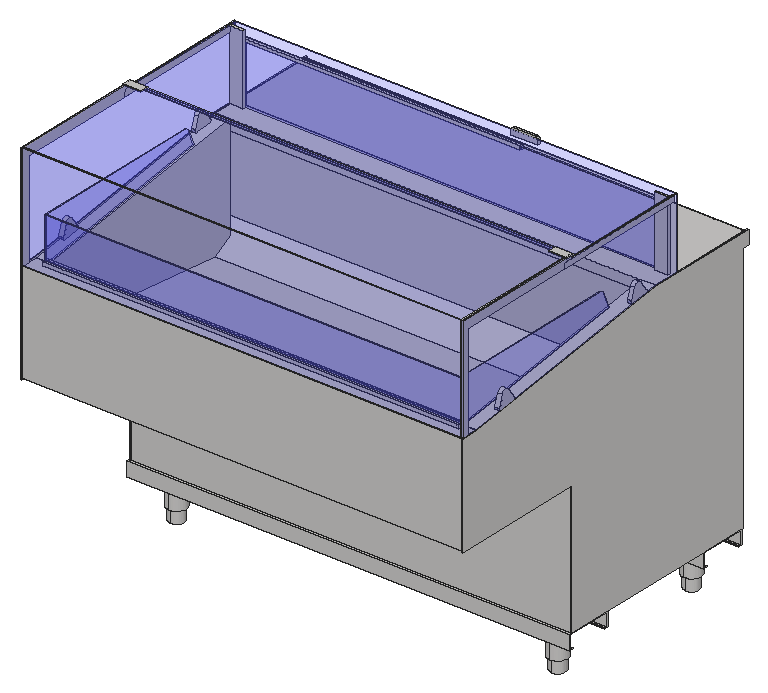
Revit family "Food-Service-Equipment_Oscartek_Rosa-Premium_RDPC1300", category Specialty Equipment, Revit 2026
Family settings
  Round Connector Dimension = Use Diameter
  Part Type = Normal
  Classification Number = 23.40.40.11
  Work Plane-Based = No
  Enable Cutting in Views = No
  Always vertical = Yes
  Cut with Voids When Loaded = No
  Maintain Annotation Orientation = No
  Shared = No
  Room Calculation Point = No
Parameters
  Width = 51.18"
  Weight in Pounds = 0
  Watts = FL Amps * Volts  # 0 W
  Volts = 120 V
  URL Cutsheet = "www.oscartek.com"
  URL = "www.oscartek.com"
  Type Mark [instance] = ""
  Type Comments = "As Specified"
  Test Data = "http://www.oscartek.com/company/clients.php"
  Status [instance] = ""
  Specification by User [instance] = ""
  Specification by Manufacturer = ""
  Specification = "https://www.arcat.com/arcatcos/cos48/arc48760.html"
  Show Fixed Top Front Glass [instance] = no
  Show Clearance [instance] = yes
  Serial Number = ""
  Seismic Rating = ""
  Sales Information = "http://www.oscartek.com/company/contact.php"
  SMACNA No = ""
  Revision Code [instance] = ""
  Revision = "R1_2018-10"
  Product Data = "http://www.oscartek.com/support/manuals/"
  Plumbing Remarks = ""
  Plumbing Connection Type = ""
  Phase = 1
  Omniclass Number and Title = ""
  Number of Poles [instance] = 1
  NAFEM Spec ID Number = ""
  Model = "RDPC1300"
  Min Ckt Ampacity = 0 A
  Max Overcurrent Protection = 0 A
  Masterspec = ""
  Manufacturer Website = "http://www.oscartek.com/index.php"
  Manufacturer Phone - Toll Free = "855-885-2400"
  Manufacturer Phone = "650-342-2400"
  Manufacturer Fax = "650-342-7400"
  Manufacturer Address = "361 Beach Rd., Burlingame, CA 94010"
  Manufacturer = "OSCARTEK"
  Item Number [instance] = ""
  Installed By [instance] = ""
  Installation-Fabrication = "http://www.oscartek.com/support/manuals/"
  Indirect Waste Size = 2"
  Indirect Waste Flow = 0 GPM
  Indirect Waste Connection Type = ""
  Indirect Waste Connection Height = 0.00"
  Identify Quantity as Lot [instance] = yes
  Height = 45.25"
  HP = ""
  Green Building-LEED = "https://www.arcat.com/green/green_building.shtml"
  Furnished By [instance] = ""
  Foodservice Equipment Identifier [instance] = yes
  FL Amps = 0 A
  Electrical Remarks [instance] = ""
  Electric Connection Type [instance] = ""
  Elec Conn RI Height [instance] = 0.00"
  Elec Conn Connection Height [instance] = 0.00"
  Drawn By = "Sumex Design, Inc. / Robert S. Weygant, CSI, CDT, SCIP"
  Description = "ROSA PREMIUM DELI-PASTRY-CHOCOLATE"
  Depth = 41.25"
  Default Elevation = 0.00"
  Cycle = 60 Hz
  Copyright = "©Arcat Inc."
  Construction Details = "http://www.oscartek.com/support/manuals/"
  Conn Plug = ""
  Conn Conduit = yes
  Clearance [instance] = yes
  Category = ""
  CSI MasterFormat = "11 41 33"
  CSI Master Format = "Foodservice Shelving"
  Building Codes = "https://www.arcat.com/arcatcos/cos48/arc48760.html"
  Apparent Power = if(Phase = 3, Volts * FL Amps * 1.73, Volts * FL Amps)  # 0 VA
Reference planes (in)
  plane 1 "BACK": y = 0
  plane 2: z = 0
  plane 3 "LEFT": x = 0
  plane 4 "RIGHT": x = 51.18
  plane 5 "FRONT": y = -41.25
  plane 6 "TOP": z = 45.25
  plane 7 "Center Y": x = 25.59
  plane 8 "Center X": y = -20.625
  plane 9: z = 6
  plane 10: z = 22.03471
  plane 11: z = 21.28711
  plane 12: x = 3.55817
  plane 13: x = 47.62183
  plane 14: y = -23.0828
  plane 15: y = -3.72373
  plane 16: y = -25.44682
  plane 17: z = 43.97317
  plane 18: x = 49.65478
  plane 19: x = 1.52522
Forms (in)
  Extrusion 1, solid, material "QF_Metal-Stainless-Polished"
    sketch origin (0, 0, 0) x (0, 1, 0) y (0, 0, 1)
      loop
        line (0, 35.0588) -> (0, 36.63271) -> (-13.29763, 36.63271) -> (-39.098, 33.0067) -> (-41.25, 33.0067) -> (-41.25, 21.28711) -> (-25.44662, 21.28711) -> (-25.44662, 6) -> (-0.77573, 6) -> (-0.77573, 35.4208) -> (-0.69664, 35.4208) -> (-0.69664, 35.0588) -> (0, 35.0588)
    from 0 to 0.125
  Extrusion 2, solid, material "QF_Metal-Stainless-Polished"
    sketch origin (51.18, 0, 0) x (0, -1, 0) y (0, 0, 1)
      loop
        line (0, 35.0588) -> (0.69664, 35.0588) -> (0.69664, 35.4208) -> (0.77573, 35.4208) -> (0.77573, 6) -> (25.44662, 6) -> (25.44662, 21.28711) -> (41.25, 21.28711) -> (41.25, 33.0067) -> (39.098, 33.0067) -> (13.29763, 36.63271) -> (0, 36.63271) -> (0, 35.0588)
    from 0 to 0.125
  Extrusion 3, solid, material "QF_Metal-Stainless-Polished"
    sketch origin (0.125, 0, 0) x (0, 1, 0) y (0, 0, 1)
      loop
        line (-11.59635, 35.4208) -> (-11.59635, 25.46655) -> (-15.39418, 23.26933) -> (-39.13974, 25.76509) -> (-39.13974, 33.0067) -> (-41.25, 33.0067) -> (-41.25, 21.4208) -> (-9.62896, 21.4208) -> (-9.62896, 35.4208) -> (-0.65768, 35.4208) -> (-0.65768, 35.0588) -> (0, 35.0588) -> (0, 36.22682)
        arc (0, 36.22682) -> (-0.11888, 36.51382) -> (-0.40589, 36.63271) r 0.40589
        line (-0.40589, 36.63271) -> (-13.25289, 36.63271) -> (-13.25289, 35.4208) -> (-11.59635, 35.4208)
    from 0 to 50.93
  Extrusion 4, solid, material "QF_Metal-Stainless-Polished"
    sketch origin (51.18, -25.44662, 21.28711) x (0, 0, -1) y (1, 0, 0)
      loop
        line (-0.13369, -0.125) -> (-0.13369, -51.055) -> (15.28711, -51.055) -> (15.28711, -0.125) -> (-0.13369, -0.125)
    from 0 to -1
  Extrusion 5, solid, material "QF_Metal-Stainless-Polished"
    sketch origin (0.125, 0, 0) x (0, 1, 0) y (0, 0, 1)
      loop
        line (-9.62896, 35.4208) -> (-9.62896, 21.28711) -> (-0.77573, 21.28711) -> (-0.77573, 22.03471) -> (-8.88136, 22.03471) -> (-8.88136, 27.5966) -> (-0.96594, 28.58602) -> (-1.05867, 29.32786) -> (-8.88136, 28.35002) -> (-8.88136, 34.66533) -> (-0.77573, 34.66533) -> (-0.77573, 35.4208) -> (-9.62896, 35.4208)
    from 0 to 50.93
  Extrusion 6, solid, material "QF_Metal-Stainless-Polished"
    sketch origin (51.18, -0.77573, 6) x (-1, 0, 0) y (0, 1, 0)
      loop
        line (49.58923, -23.67089) -> (49.58923, 0) -> (0.125, 0) -> (0.125, -23.67089) -> (49.58923, -23.67089)
    from 0 to -0.125
  Extrusion 7, solid, material "QF_Metal-Stainless-Polished"
    sketch origin (51.18, -0.77573, 35.4208) x (0, 0, -1) y (-1, 0, 0)
      loop
        line (14.13369, 1.59359) -> (14.13369, 0.125) -> (29.2958, 0.125) -> (29.2958, 1.59359) -> (14.13369, 1.59359)
      loop
        line (14.13369, 19.6543) -> (29.2958, 19.6543) -> (29.2958, 21.26756) -> (14.13369, 21.26756) -> (14.13369, 19.6543)
      loop
        line (14.13369, 49.58923) -> (29.2958, 49.58923) -> (29.2958, 51.055) -> (14.13369, 51.055) -> (14.13369, 49.58923)
      loop
        line (28.75251, 42.77054) -> (28.75251, 43.25084) -> (14.13369, 43.25084) -> (14.13369, 42.77054) -> (28.75251, 42.77054)
    from 0 to -23.67089
  Extrusion 8, solid, material "QF_Metal-Stainless-Polished"
    sketch origin (51.18, -0.77573, 35.4208) x (0, 0, -1) y (-1, 0, 0)
      loop
        line (29.2958, 1.59359) -> (29.2958, 19.6543) -> (14.13369, 19.6543) -> (14.13369, 1.59359) -> (29.2958, 1.59359)
    from 0 to -0.125
  Extrusion 9, solid, material "QF_Metal-Stainless-Polished"
    sketch origin (0, 0, 0) x (0, 1, 0) y (0, 0, 1)
      loop
        line (-6.48102, 4.37153) -> (-6.06, 4.37153) -> (-6.06, 4.43842) -> (-6.422, 4.43842) -> (-6.422, 5.9375) -> (-1.02546, 5.9375) -> (-1.02546, 4.43842) -> (-1.38746, 4.43842) -> (-1.38746, 4.37153) -> (-0.96644, 4.37153) -> (-0.96644, 6) -> (-6.48102, 6) -> (-6.48102, 4.37153)
      loop
        line (-25.84009, 4.37153) -> (-25.41907, 4.37153) -> (-25.41907, 4.43842) -> (-25.78107, 4.43842) -> (-25.78107, 5.9375) -> (-20.38453, 5.9375) -> (-20.38453, 4.43842) -> (-20.74653, 4.43842) -> (-20.74653, 4.37153) -> (-20.32551, 4.37153) -> (-20.32551, 6) -> (-25.84009, 6) -> (-25.84009, 4.37153)
    from 0 to 51.18
  Revolve 10, solid, material "QF_Metal-Stainless-Polished"
    sketch origin (3.55817, -180, 1.47948) x (0, 0, -1) y (0, -1, 0)
      loop
        line (1.47948, -156.9172) -> (-4.52052, -156.9172) -> (-4.52052, -158.59046) -> (-3.61998, -158.59046) -> (-3.61998, -158.01598) -> (0.00001, -158.01598) -> (0.00001, -157.7799) -> (1.47948, -157.7799) -> (1.47948, -156.9172)
      axis (-4.52052, -156.9172) -> (1.47948, -156.9172)
    angle from 0 to 360
  Revolve 11, solid, material "QF_Metal-Stainless-Polished"
    sketch origin (47.62183, -180, 1.47948) x (0, 0, -1) y (0, -1, 0)
      loop
        line (1.47948, -156.9172) -> (-4.52052, -156.9172) -> (-4.52052, -158.59046) -> (-3.61998, -158.59046) -> (-3.61998, -158.01598) -> (0.00001, -158.01598) -> (0.00001, -157.7799) -> (1.47948, -157.7799) -> (1.47948, -156.9172)
      axis (-4.52052, -156.9172) -> (1.47948, -156.9172)
    angle from 0 to 360
  Revolve 12, solid, material "QF_Metal-Stainless-Polished"
    sketch origin (3.55817, -160.64093, 1.47948) x (0, 0, -1) y (0, -1, 0)
      loop
        line (1.47948, -156.9172) -> (-4.52052, -156.9172) -> (-4.52052, -158.59046) -> (-3.61998, -158.59046) -> (-3.61998, -158.01598) -> (0.00001, -158.01598) -> (0.00001, -157.7799) -> (1.47948, -157.7799) -> (1.47948, -156.9172)
      axis (-4.52052, -156.9172) -> (1.47948, -156.9172)
    angle from 0 to 360
  Revolve 13, solid, material "QF_Metal-Stainless-Polished"
    sketch origin (47.62183, -180, 1.47948) x (0, 0, -1) y (0, -1, 0)
      loop
        line (1.47948, -176.27627) -> (-4.52052, -176.27627) -> (-4.52052, -177.94953) -> (-3.61998, -177.94953) -> (-3.61998, -177.37505) -> (0.00001, -177.37505) -> (0.00001, -177.13897) -> (1.47948, -177.13897) -> (1.47948, -176.27627)
      axis (-4.52052, -176.27627) -> (1.47948, -176.27627)
    angle from 0 to 360
  Extrusion 14, solid, material "Glass"
    sketch origin (0, 0, 0) x (0, -1, 0) y (0, 0, 1)
      loop
        line (41.1859, 45.25) -> (25.44682, 45.25) -> (25.44682, 44.85652) -> (10.21926, 44.85652) -> (10.21926, 36.63271) -> (13.29763, 36.63271) -> (39.098, 33.0067) -> (41.1859, 33.0067) -> (41.1859, 45.25)
    from 0 to -0.125
  Extrusion 15, solid, material "Glass"
    sketch origin (51.18, 0, 0) x (0, 1, 0) y (0, 0, 1)
      loop
        line (-41.1859, 45.25) -> (-41.1859, 33.0067) -> (-39.098, 33.0067) -> (-13.29763, 36.63271) -> (-10.21926, 36.63271) -> (-10.21926, 44.85652) -> (-25.44682, 44.85652) -> (-25.44682, 45.25) -> (-41.1859, 45.25)
    from 0 to -0.125
  Extrusion 16, solid, material "Glass"
    sketch origin (0, -41.1859, 45.25) x (0, 0, -1) y (1, 0, 0)
      loop
        line (0, 0.125) -> (12.2433, 0.125) -> (12.2433, 51.18) -> (0, 51.18) -> (0, 0.125)
    from 0 to -0.125
  Extrusion 17, solid, material "Glass"
    sketch origin (15.875, -72.68116, 45.25) x (0, 1, 0) y (-1, 0, 0)
      loop
        line (31.62026, -35.305) -> (47.23434, -35.305) -> (47.23434, 15.75) -> (31.62026, 15.75) -> (31.62026, -35.305)
    from 0 to -0.125
  Extrusion 18, solid, material "Glass"
    sketch origin (51.18, -25.44682, 44.85652) x (0, 1, 0) y (-1, 0, 0)
      loop
        line (15.22756, 0.125) -> (15.22756, 51.055) -> (0, 51.055) -> (0, 0.125) -> (15.22756, 0.125)
    from 0 to -0.125
  Extrusion 19, solid, material "QF_Metal-Stainless-Polished"
    sketch origin (51.18, 0, 0) x (0, 1, 0) y (0, 0, 1)
      loop
        line (-39.62534, 33.10521) -> (-39.62534, 33.40018) -> (-39.8811, 33.40018) -> (-39.92044, 33.36083) -> (-39.92044, 33.0067) -> (-39.13349, 33.0067) -> (-39.13349, 33.36083) -> (-39.17284, 33.40018) -> (-39.42698, 33.40018) -> (-39.42698, 33.10521) -> (-39.62534, 33.10521)
    from -1.52522 to -49.65478
  Extrusion 20, solid, material "Glass"
    sketch origin (49.65478, 0, 0) x (0, 1, 0) y (0, 0, 1)
      loop
        line (-39.44827, 33.10521) -> (-39.44827, 38.1219) -> (-39.60566, 38.1219) -> (-39.60566, 33.10521) -> (-39.44827, 33.10521)
    from 0 to -48.12955
  Extrusion 21, solid, material "QF_Metal-Stainless-Polished"
    sketch origin (51.055, 0, 0) x (0, -1, 0) y (0, 0, 1)
      loop
        line (39.13974, 33.00083) -> (13.25289, 36.63899) -> (13.25289, 24.50817) -> (15.39418, 23.26933) -> (39.13974, 25.76509) -> (39.13974, 33.00083)
    from 0 to 1.6974
  Extrusion 22, solid, material "QF_Metal-Stainless-Polished"
    sketch origin (0.125, 0, 0) x (0, -1, 0) y (0, 0, -1)
      loop
        line (39.13974, -33.00083) -> (39.13974, -25.76509) -> (15.39418, -23.26933) -> (13.25289, -24.50817) -> (13.25289, -36.63899) -> (39.13974, -33.00083)
    from 0 to 1.6974
  Extrusion 23, solid, material "Glass"
    sketch origin (49.65478, 0, 0) x (0, 1, 0) y (0, 0, 1)
      loop
        line (-19.503, 38.1219) -> (-39.4423, 38.1219) -> (-39.4423, 33.0067) -> (-39.098, 33.0067) -> (-18.16116, 35.94918) -> (-18.76351, 37.6041)
        arc (-18.76351, 37.6041) -> (-19.05162, 37.97958) -> (-19.503, 38.1219) r 0.78695
    from 0 to -0.125
  Extrusion 24, solid, material "Glass"
    sketch origin (1.52522, 0, 0) x (0, -1, 0) y (0, 0, 1)
      loop
        arc (19.503, 38.1219) -> (19.05162, 37.97958) -> (18.76351, 37.6041) r 0.78695
        line (18.76351, 37.6041) -> (18.16116, 35.94918) -> (39.098, 33.0067) -> (39.4423, 33.0067) -> (39.4423, 38.1219) -> (19.503, 38.1219)
    from 0 to -0.125
  Extrusion 25, solid, material "QF_Metal-Stainless-Polished"
    sketch origin (51.055, 0, 0) x (0, -1, 0) y (0, 0, 1)
      loop
        line (25.44682, 44.08334) -> (40.39895, 44.08334) -> (40.39895, 33.0067) -> (41.1859, 33.0067) -> (41.1859, 45.25) -> (25.44682, 45.25) -> (25.44682, 44.08334)
    from 0 to 0.125
  Extrusion 26, solid, material "QF_Metal-Stainless-Polished"
    sketch origin (0.125, 0, 0) x (0, 1, 0) y (0, 0, 1)
      loop
        line (-25.44682, 44.08334) -> (-25.44682, 45.25) -> (-41.1859, 45.25) -> (-41.1859, 33.0067) -> (-40.39895, 33.0067) -> (-40.39895, 44.08334) -> (-25.44682, 44.08334)
    from 0 to 0.125
  Extrusion 27, solid, material "QF_Metal-Stainless-Polished"
    sketch origin (51.055, 0, 0) x (0, -1, 0) y (0, 0, 1)
      loop
        line (34.52344, 35.17744) -> (33.73363, 34.04948)
        arc (33.73363, 34.04948) -> (33.70856, 33.87107) -> (33.83816, 33.74592) r 0.19842
        line (33.83816, 33.74592) -> (35.62083, 33.49539)
        arc (35.62083, 33.49539) -> (35.7799, 33.57997) -> (35.80497, 33.75837) r 0.19842
        line (35.80497, 33.75837) -> (35.35667, 35.06034)
        arc (35.35667, 35.06034) -> (34.97594, 35.37419) -> (34.52344, 35.17744) r 0.47217
      loop
        line (15.3827, 37.8675) -> (14.59289, 36.73954)
        arc (14.59289, 36.73954) -> (14.56803, 36.56264) -> (14.69653, 36.43855) r 0.19674
        line (14.69653, 36.43855) -> (16.48165, 36.18767)
        arc (16.48165, 36.18767) -> (16.63937, 36.27153) -> (16.66423, 36.44843) r 0.19674
        line (16.66423, 36.44843) -> (16.21593, 37.7504)
        arc (16.21593, 37.7504) -> (15.83519, 38.06425) -> (15.3827, 37.8675) r 0.47217
    from 0 to 0.5
  Extrusion 28, solid, material "QF_Metal-Stainless-Polished"
    sketch origin (0.125, 0, 0) x (0, 1, 0) y (0, 0, 1)
      loop
        arc (-34.52344, 35.17744) -> (-34.97594, 35.37419) -> (-35.35667, 35.06034) r 0.47217
        line (-35.35667, 35.06034) -> (-35.80497, 33.75837)
        arc (-35.80497, 33.75837) -> (-35.7799, 33.57997) -> (-35.62083, 33.49539) r 0.19842
        line (-35.62083, 33.49539) -> (-33.83816, 33.74592)
        arc (-33.83816, 33.74592) -> (-33.70856, 33.87107) -> (-33.73363, 34.04948) r 0.19842
        line (-33.73363, 34.04948) -> (-34.52344, 35.17744)
      loop
        arc (-15.3827, 37.8675) -> (-15.83519, 38.06425) -> (-16.21593, 37.7504) r 0.47217
        line (-16.21593, 37.7504) -> (-16.66423, 36.44843)
        arc (-16.66423, 36.44843) -> (-16.63937, 36.27153) -> (-16.48165, 36.18767) r 0.19674
        line (-16.48165, 36.18767) -> (-14.69653, 36.43855)
        arc (-14.69653, 36.43855) -> (-14.56803, 36.56264) -> (-14.59289, 36.73954) r 0.19674
        line (-14.59289, 36.73954) -> (-15.3827, 37.8675)
    from 0 to 0.5
  Extrusion 29, solid, material "QF_Metal-Stainless-Polished"
    sketch origin (15.875, -72.68116, 45.25) x (0, 1, 0) y (-1, 0, 0)
      loop
        line (47.23434, 15.875) -> (46.23413, 15.875) -> (46.23413, 13.8228) -> (47.23434, 13.8228) -> (47.23434, 15.875)
      loop
        line (47.23434, -35.43) -> (47.23434, -33.3778) -> (46.23413, -33.3778) -> (46.23413, -35.43) -> (47.23434, -35.43)
    from 0 to 0.125
  Extrusion 30, solid, material "QF_Metal-Stainless-Polished"
    sketch origin (0.125, -11.04556, 43.90338) x (0, 0, 1) y (-1, 0, 0)
      loop
        line (0.95314, -0.125) -> (-7.10536, -0.125) -> (-7.10536, -1.67714) -> (0.95314, -1.67714) -> (0.95314, -0.125)
      loop
        line (0.95314, -50.805) -> (0.95314, -49.25286) -> (-7.10536, -49.25286) -> (-7.10536, -50.805) -> (0.95314, -50.805)
    from 0 to 0.25
  Extrusion 31, solid, material "QF_Metal-Stainless-Polished"
    sketch origin (51.055, -10.21926, 44.85652) x (-1, 0, 0) y (0, 0, 1)
      loop
        arc (16.40114, 0.17913) -> (16.1229, 0.06388) -> (16.00766, -0.21435) r 0.39348
        line (16.00766, -0.21435) -> (16.00766, -0.67482) -> (19.15549, -0.67482) -> (19.15549, -0.21435)
        arc (19.15549, -0.21435) -> (19.04024, 0.06388) -> (18.76201, 0.17913) r 0.39348
        line (18.76201, 0.17913) -> (16.40114, 0.17913)
    from 0 to 0.25
  Extrusion 32, solid, material "QF_Metal-Stainless-Polished"
    sketch origin (0.125, 0, 0) x (0, 1, 0) y (0, 0, 1)
      loop
        line (-26.43051, 44.7975) -> (-26.43051, 44.12269) -> (-10.68356, 44.12269) -> (-10.68356, 44.7975) -> (-26.43051, 44.7975)
    from 0 to 0.125
  Extrusion 33, solid, material "QF_Metal-Stainless-Polished"
    sketch origin (51.055, 0, 0) x (0, -1, 0) y (0, 0, 1)
      loop
        line (26.43051, 44.7975) -> (10.68356, 44.7975) -> (10.68356, 44.12269) -> (26.43051, 44.12269) -> (26.43051, 44.7975)
    from 0 to 0.125
  Extrusion 34, solid, material "Glass"
    sketch origin (49.37786, -11.04556, 44.85652) x (0, 0, -1) y (0, -1, 0)
      loop
        line (0.9227, 0) -> (0.9227, -0.27543) -> (8.0585, -0.27543) -> (8.0585, 0) -> (0.9227, 0)
    from 0 to 47.57573
  Extrusion 35, solid, material "QF_Metal-Stainless-Polished"
    sketch origin (1.80214, -11.04556, 44.85652) x (0, 0, -1) y (0, 1, 0)
      loop
        line (0.88336, -0.05902) -> (1.27683, -0.05902) -> (1.27683, -0.01967) -> (0.9227, -0.01967) -> (0.9227, 0.29511) -> (1.27683, 0.29511) -> (1.27683, 0.33446) -> (0.88336, 0.33446) -> (0.88336, -0.05902)
    from 0 to 31.82573
  Extrusion 36, solid, material "QF_Metal-Stainless-Polished"
    sketch origin (51.18, -0.77573, 35.4208) x (0, 0, -1) y (-1, 0, 0)
      loop
        line (16.75243, 7.00393) -> (16.75243, 14.23298) -> (15.30308, 14.23298) -> (15.30308, 7.00393) -> (16.75243, 7.00393)
    from 0 to 0.125
  Extrusion 37, solid, material "QF_Metal-Stainless-Polished"
    sketch origin (51.18, -0.77573, 6) x (0, -1, 0) y (-1, 0, 0)
      loop
        circle (15.93285, 3.93606) r 0.64945
      loop
        circle (15.93285, 5.05621) r 0.25
      loop
        circle (15.93285, 47.24394) r 0.64945
    from 0 to 0.125
  Extrusion 38, solid, material "QF_Metal-Stainless-Polished"
    sketch origin (51.18, -0.77573, 35.4208) x (0, 0, -1) y (-1, 0, 0)
      loop
        line (28.75251, 43.25084) -> (28.75251, 21.26756) -> (29.2958, 21.26756) -> (29.2958, 43.25084) -> (28.75251, 43.25084)
    from 0 to -23.67089
  Extrusion 39, solid, material "QF_Metal-Stainless-Polished"
    sketch origin (51.43, -0.65073, 35.34409) x (0, 0, -1) y (-1, 0, 0)
      loop
        line (15.44754, 8.35075) -> (16.35673, 8.35075) -> (16.35673, 12.93085) -> (15.44754, 12.93085) -> (15.44754, 8.35075)
    from 0 to 0.125
  Extrusion 40, solid, material "QF_Metal-Stainless-Polished"
    sketch origin (51.43, -0.52573, 35.34409) x (0, 0, -1) y (-1, 0, 0)
      loop
        line (15.82413, 10.59358) -> (15.82413, 11.08149) -> (15.46655, 11.08149) -> (15.46655, 10.59358) -> (15.82413, 10.59358)
      loop
        line (15.82413, 11.20347) -> (15.82413, 11.69139) -> (15.46655, 11.69139) -> (15.46655, 11.20347) -> (15.82413, 11.20347)
      loop
        line (15.82413, 11.81336) -> (15.82413, 12.30128) -> (15.46655, 12.30128) -> (15.46655, 11.81336) -> (15.82413, 11.81336)
      loop
        line (15.82413, 12.42326) -> (15.82413, 12.91117) -> (15.46655, 12.91117) -> (15.46655, 12.42326) -> (15.82413, 12.42326)
      loop
        line (15.98771, 12.42326) -> (16.33769, 12.42326) -> (16.33769, 12.91117) -> (15.98771, 12.91117) -> (15.98771, 12.42326)
      loop
        line (15.98771, 12.30128) -> (15.98771, 11.81336) -> (16.33769, 11.81336) -> (16.33769, 12.30128) -> (15.98771, 12.30128)
      loop
        line (15.98771, 11.69139) -> (15.98771, 11.20347) -> (16.33769, 11.20347) -> (16.33769, 11.69139) -> (15.98771, 11.69139)
      loop
        line (15.98771, 11.08149) -> (15.98771, 10.59358) -> (16.33769, 10.59358) -> (16.33769, 11.08149) -> (15.98771, 11.08149)
      loop
        line (16.33769, 10.41258) -> (15.46655, 10.41258) -> (15.46655, 8.37042) -> (16.33769, 8.37042) -> (16.33769, 10.41258)
    from 0 to 0.0625
Lines and regions (in)
  Split face 1
    outline origin (51.18, -0.77573, 35.4208) x (0, 0, -1) y (-1, 0, 0)
      loop
        line (29.21549, 5.24902) -> (29.21549, 16.01487) -> (21.47268, 16.01487) -> (18.44964, 12.99183) -> (18.44964, 5.24902) -> (29.21549, 5.24902)
  symbolic lines
    curve 1: line (0, 0, 0) -> (51.18, 0, 0)
    curve 2: line (0, -41.25, 0) -> (0, 0, 0)
    curve 3: line (51.18, -41.25, 0) -> (0, -41.25, 0)
    curve 4: line (51.18, 0, 0) -> (51.18, -41.25, 0)
    curve 5: line (51.055, -25.44682, 0) -> (0.125, -25.44682, 0)
    curve 6: line (51.055, -10.21926, 0) -> (0.125, -10.21926, 0)
    curve 7: line (49.1278, -26.44703, 0) -> (51.18, -26.44703, 0)
    curve 8: line (49.1278, -25.44682, 0) -> (49.1278, -26.44703, 0)
    curve 9: line (0, -26.44703, 0) -> (2.0522, -26.44703, 0)
    curve 10: line (2.0522, -26.44703, 0) -> (2.0522, -25.44682, 0)
Dimensions and locks (in)
  equal spacing: plane 3 "LEFT", plane 7 "Center Y", plane 4 "RIGHT"
  "Width": plane 3 "LEFT" to plane 4 "RIGHT"
  equal spacing: plane 5 "FRONT", plane 8 "Center X", plane 1 "BACK"
  "Depth": plane 5 "FRONT" to plane 1 "BACK"
  "Height": plane 6 "TOP" to level
  plane 5 "FRONT" to plane 1 "BACK" = 41.25"
  plane 6 "TOP" to level = 45.25"
  plane 2 to plane 9 = 6.00"
  locked: plane 4 "RIGHT" to plane 13 at 3.55817
  aligned and locked: level to plane 2
  aligned and locked: Extrusion 3 to Extrusion 2
  aligned and locked: Extrusion 4 to Extrusion 1
  aligned and locked: Extrusion 9 to plane 4 "RIGHT"
Automatic sketch dimensions
  Extrusion 1 sketch curve to plane 5 "FRONT" = 0.00"
  plane 9 to Extrusion 1 sketch curve = 0.00"
  Extrusion 1 sketch curve to plane 1 "BACK" = 0.00"
  Extrusion 1 sketch curve to plane 5 "FRONT" = 2.152"
  plane 11 to Extrusion 1 sketch curve = 0.00"
  Extrusion 1 sketch curve to plane 14 = 2.36381"
  plane 8 "Center X" to Extrusion 1 sketch curve = 7.32737"
  plane 1 "BACK" to Extrusion 1 sketch curve = 0.77573"
  Extrusion 1 sketch curve to Extrusion 1 sketch curve = 0.07909"
  Extrusion 1 sketch curve to plane 17 = 10.96647"
  Extrusion 1 sketch curve to plane 17 = 8.91437"
  Extrusion 1 sketch curve to Extrusion 1 sketch curve = 0.362"
  Extrusion 1 sketch curve to plane 17 = 7.34046"
  Extrusion 2 sketch curve to plane 1 "BACK" = 0.00"
  plane 9 to Extrusion 2 sketch curve = 0.00"
  Extrusion 2 sketch curve to plane 5 "FRONT" = 0.00"
  plane 1 "BACK" to Extrusion 2 sketch curve = 0.69664"
  plane 1 "BACK" to Extrusion 2 sketch curve = 0.77573"
  plane 8 "Center X" to Extrusion 2 sketch curve = 7.32737"
  Extrusion 2 sketch curve to plane 14 = 2.36381"
  Extrusion 2 sketch curve to plane 5 "FRONT" = 2.152"
  plane 11 to Extrusion 2 sketch curve = 0.00"
  Extrusion 2 sketch curve to plane 17 = 10.96647"
  Extrusion 2 sketch curve to plane 17 = 8.91437"
  Extrusion 2 sketch curve to Extrusion 2 sketch curve = 0.362"
  Extrusion 2 sketch curve to plane 17 = 7.34046"
  Extrusion 3 sketch curve to Extrusion 1 = 0.00"  (x6)
  Extrusion 1 to Extrusion 3 sketch curve = 0.00"
  Extrusion 3 sketch curve to Extrusion 1 = 2.11026"
  Extrusion 3 sketch curve to Extrusion 1 = 1.98222"
  Extrusion 3 sketch curve to Extrusion 1 = 10.05243"
  Extrusion 3 sketch curve to Extrusion 1 = 12.19373"
  Extrusion 3 sketch curve to Extrusion 1 = 4.17945"
  Extrusion 3 sketch curve to Extrusion 3 sketch curve = 3.79783"
  Extrusion 3 sketch curve to Extrusion 3 sketch curve = 1.96739"
  Extrusion 3 sketch curve to Extrusion 1 = 0.03895"
  Extrusion 3 sketch curve to Extrusion 1 = 0.29075"
  Extrusion 3 sketch curve to Extrusion 1 = 0.13369"
  Extrusion 3 sketch curve to Extrusion 1 = 4.47798"
  Extrusion 4 sketch curve to Extrusion 2 = 0.00"  (x2)
  Extrusion 4 sketch curve to Extrusion 2 = 0.13369"
  Extrusion 4 sketch curve to Extrusion 4 sketch curve = 50.93"
  Extrusion 5 sketch curve to Extrusion 1 = 0.00"  (x3)
  Extrusion 5 sketch curve to Extrusion 1 = 0.19021"
  Extrusion 5 sketch curve to Extrusion 1 = 0.28294"
  Extrusion 1 to Extrusion 5 sketch curve = 0.39347"
  Extrusion 5 sketch curve to Extrusion 1 = 8.10563"
  Extrusion 5 sketch curve to Extrusion 5 sketch curve = 0.00"
  Extrusion 1 to Extrusion 5 sketch curve = 0.00"
  Extrusion 5 sketch curve to Extrusion 5 sketch curve = 0.74761"
  Extrusion 5 sketch curve to Extrusion 1 = 0.74761"
  Extrusion 5 sketch curve to Extrusion 5 sketch curve = 5.56188"
  Extrusion 5 sketch curve to Extrusion 5 sketch curve = 0.75342"
  Extrusion 6 sketch curve to Extrusion 2 = 0.00"  (x2)
  Extrusion 6 sketch curve to Extrusion 2 = 1.00"
  Extrusion 2 to Extrusion 6 sketch curve = 49.46423"
  Extrusion 7 to Extrusion 8 sketch curve = 0.00"
  Extrusion 8 sketch curve to Extrusion 7 = 0.00"  (x3)
  Split face 1 sketch curve to Extrusion 8 = 4.31595"
  Split face 1 sketch curve to Extrusion 8 = 3.63942"
  Split face 1 sketch curve to Split face 1 sketch curve = 3.02304"  (x2)
  Split face 1 sketch curve to Extrusion 8 = 0.0803"
  Split face 1 sketch curve to Extrusion 8 = 3.65542"
  plane 9 to Extrusion 9 sketch curve = 0.00"  (x2)
  Extrusion 9 sketch curve to plane 14 = 2.75729"
  Extrusion 9 sketch curve to Extrusion 9 sketch curve = 0.05902"  (x4)
  Extrusion 9 sketch curve to Extrusion 9 sketch curve = 0.362"  (x2)
  Extrusion 9 sketch curve to plane 8 "Center X" = 0.12153"
  plane 8 "Center X" to Extrusion 9 sketch curve = 0.24047"
  Extrusion 9 sketch curve to plane 15 = 2.75729"
  plane 1 "BACK" to Extrusion 9 sketch curve = 1.38746"
  plane 9 to Extrusion 9 sketch curve = 0.0625"  (x2)
  plane 1 "BACK" to Extrusion 9 sketch curve = 1.02546"
  Extrusion 9 sketch curve to Extrusion 9 sketch curve = 1.49908"  (x4)
  Extrusion 9 sketch curve to Extrusion 9 sketch curve = 0.06689"  (x4)
  plane 9 to Revolve 10 sketch curve = 0.00"
  Revolve 10 sketch curve to plane 14 = 0.00"  (x2)
  Revolve 10 sketch curve to level = 0.00"
  plane 9 to Revolve 10 sketch curve = 0.90054"
  level to Revolve 10 sketch curve = 1.47947"
  plane 14 to Revolve 10 sketch curve = 0.8627"
  plane 14 to Revolve 10 sketch curve = 1.09878"
  Revolve 10 sketch curve to plane 8 "Center X" = 0.78454"
  Revolve 10 sketch curve to Revolve 10 sketch curve = 1.09137"
  Revolve 10 sketch curve to Revolve 10 sketch curve = 0.75"
  plane 9 to Revolve 11 sketch curve = 0.00"
  Revolve 11 sketch curve to plane 14 = 0.00"  (x2)
  Revolve 11 sketch curve to level = 0.00"
  Revolve 11 sketch curve to plane 9 = 0.90054"
  Revolve 11 sketch curve to level = 1.47947"
  Revolve 11 sketch curve to plane 14 = 0.8627"
  Revolve 11 sketch curve to plane 14 = 1.09878"
  plane 8 "Center X" to Revolve 11 sketch curve = 0.78454"
  Revolve 11 sketch curve to plane 9 = 1.09137"
  Revolve 11 sketch curve to Revolve 11 sketch curve = 0.75"
  plane 9 to Revolve 12 sketch curve = 0.00"
  Revolve 12 sketch curve to plane 15 = 0.00"  (x2)
  Revolve 12 sketch curve to level = 0.00"
  plane 9 to Revolve 12 sketch curve = 0.90054"
  level to Revolve 12 sketch curve = 1.47947"
  plane 15 to Revolve 12 sketch curve = 0.8627"
  plane 15 to Revolve 12 sketch curve = 1.09878"
  Revolve 12 sketch curve to Revolve 12 sketch curve = 0.57448"
  plane 9 to Revolve 12 sketch curve = 1.09137"
  Revolve 12 sketch curve to Revolve 12 sketch curve = 0.75"
  plane 9 to Revolve 13 sketch curve = 0.00"
  Revolve 13 sketch curve to plane 15 = 0.00"  (x2)
  Revolve 13 sketch curve to level = 0.00"
  Revolve 13 sketch curve to plane 9 = 0.90054"
  Revolve 13 sketch curve to level = 1.47947"
  Revolve 13 sketch curve to plane 15 = 0.8627"
  Revolve 13 sketch curve to plane 15 = 1.09878"
  Revolve 13 sketch curve to Revolve 13 sketch curve = 0.57448"
  Revolve 13 sketch curve to plane 9 = 1.09137"
  Revolve 13 sketch curve to Revolve 13 sketch curve = 0.75"
  Extrusion 14 sketch curve to Extrusion 1 = 0.00"  (x4)
  Extrusion 14 sketch curve to Extrusion 14 sketch curve = 3.07837"
  Extrusion 1 to Extrusion 14 sketch curve = 0.00021"
  Extrusion 14 sketch curve to Extrusion 1 = 0.0641"
  Extrusion 1 to Extrusion 14 sketch curve = 8.22382"
  Extrusion 14 sketch curve to Extrusion 14 sketch curve = 0.39348"
  Extrusion 15 sketch curve to Extrusion 2 = 0.00"  (x4)
  Extrusion 15 sketch curve to Extrusion 2 = 0.0641"
  Extrusion 2 to Extrusion 15 sketch curve = 0.00021"
  Extrusion 15 sketch curve to Extrusion 15 sketch curve = 3.07837"
  Extrusion 2 to Extrusion 15 sketch curve = 8.22382"
  Extrusion 15 sketch curve to Extrusion 15 sketch curve = 0.39348"
  Extrusion 16 sketch curve to Extrusion 14 = 0.00"  (x2)
  Extrusion 14 to Extrusion 16 sketch curve = 0.00"
  Extrusion 16 sketch curve to Extrusion 14 = 51.055"
  Extrusion 17 sketch curve to Extrusion 14 = 0.00"
  Extrusion 14 to Extrusion 17 sketch curve = 0.00"
  Extrusion 14 to Extrusion 17 sketch curve = 0.125"
  Extrusion 17 sketch curve to Extrusion 14 = 51.055"
  Extrusion 18 sketch curve to Extrusion 15 = 0.00"  (x3)
  Extrusion 18 sketch curve to Extrusion 15 = 50.93"
  Extrusion 19 sketch curve to Extrusion 2 = 0.00"
  Extrusion 19 sketch curve to Extrusion 2 = 1.32956"
  Extrusion 2 to Extrusion 19 sketch curve = 0.39348"
  Extrusion 19 sketch curve to Extrusion 19 sketch curve = 0.03935"  (x3)
  Extrusion 19 sketch curve to Extrusion 19 sketch curve = 0.25576"
  Extrusion 19 sketch curve to Extrusion 19 sketch curve = 0.19836"
  Extrusion 19 sketch curve to Extrusion 19 sketch curve = 0.25414"
  Extrusion 2 to Extrusion 19 sketch curve = 0.09851"
  Extrusion 19 sketch curve to Extrusion 19 sketch curve = 0.35413"
  Extrusion 19 sketch curve to Extrusion 19 sketch curve = 0.00"
  Extrusion 20 sketch curve to Extrusion 19 = 0.00"
  Extrusion 19 to Extrusion 20 sketch curve = 0.01967"
  Extrusion 19 to Extrusion 20 sketch curve = 0.0213"
  Extrusion 19 to Extrusion 20 sketch curve = 4.72172"
  Extrusion 21 sketch curve to Extrusion 2 = 0.00"
  Extrusion 2 to Extrusion 21 sketch curve = 0.00"
  Extrusion 2 to Extrusion 21 sketch curve = 0.00629"
  Extrusion 21 sketch curve to Extrusion 2 = 1.98222"
  Extrusion 21 sketch curve to Extrusion 21 sketch curve = 2.1413"
  Extrusion 21 sketch curve to Extrusion 2 = 2.11026"
  Extrusion 21 sketch curve to Extrusion 21 sketch curve = 1.23884"
  Extrusion 21 sketch curve to Extrusion 2 = 4.47798"
  plane 8 "Center X" to Extrusion 22 sketch curve = 7.37211"
  Extrusion 22 sketch curve to plane 10 = 1.23462"
  Extrusion 22 sketch curve to Extrusion 22 sketch curve = 2.1413"
  Extrusion 22 sketch curve to plane 5 "FRONT" = 2.11026"
  Extrusion 22 sketch curve to plane 10 = 2.47346"
  Extrusion 22 sketch curve to plane 10 = 3.73037"
  Extrusion 22 sketch curve to Extrusion 22 sketch curve = 7.23575"
  Extrusion 22 sketch curve to plane 17 = 7.33417"
  Extrusion 20 to Extrusion 23 sketch curve = 0.00"
  Extrusion 20 to Extrusion 23 sketch curve = 0.00597"
  Extrusion 20 to Extrusion 23 sketch curve = 0.09851"
  Extrusion 23 sketch curve to Extrusion 23 sketch curve = 0.34429"
  Extrusion 23 sketch curve to Extrusion 20 = 0.78695"
  Extrusion 20 to Extrusion 23 sketch curve = 19.94527"
  Extrusion 23 sketch curve to Extrusion 20 = 0.5178"
  Extrusion 23 sketch curve to Extrusion 20 = 2.17272"
  Extrusion 23 sketch curve to Extrusion 23 sketch curve = 0.60234"
  Extrusion 24 sketch curve to Extrusion 20 = 0.00"
  Extrusion 24 sketch curve to Extrusion 20 = 2.17272"
  Extrusion 20 to Extrusion 24 sketch curve = 21.28711"
  Extrusion 24 sketch curve to Extrusion 20 = 0.5178"
  Extrusion 24 sketch curve to Extrusion 24 sketch curve = 0.60234"
  Extrusion 24 sketch curve to Extrusion 24 sketch curve = 0.73949"
  Extrusion 20 to Extrusion 24 sketch curve = 0.09851"
  Extrusion 20 to Extrusion 24 sketch curve = 0.35027"
  Extrusion 20 to Extrusion 24 sketch curve = 0.00597"
  Extrusion 25 sketch curve to Extrusion 15 = 0.00"  (x3)
  Extrusion 15 to Extrusion 25 sketch curve = 0.00"
  Extrusion 25 sketch curve to Extrusion 15 = 0.78695"
  Extrusion 25 sketch curve to Extrusion 15 = 0.77318"
  Extrusion 26 sketch curve to Extrusion 14 = 0.00"  (x3)
  Extrusion 14 to Extrusion 26 sketch curve = 0.00"
  Extrusion 26 sketch curve to Extrusion 14 = 0.78695"
  Extrusion 26 sketch curve to Extrusion 14 = 0.77318"
  Extrusion 15 to Extrusion 27 sketch curve = 0.00"  (x2)
  Extrusion 27 sketch curve to Extrusion 15 = 0.10683"
  Extrusion 27 sketch curve to Extrusion 15 = 4.37363"
  Extrusion 15 to Extrusion 27 sketch curve = 0.19416"
  Extrusion 27 sketch curve to Extrusion 27 sketch curve = 0.10364"
  Extrusion 15 to Extrusion 27 sketch curve = 0.00601"
  Extrusion 27 sketch curve to Extrusion 15 = 1.23479"
  Extrusion 27 sketch curve to Extrusion 27 sketch curve = 0.78981"  (x2)
  Extrusion 27 sketch curve to Extrusion 27 sketch curve = 0.38678"  (x2)
  Extrusion 27 sketch curve to Extrusion 15 = 1.11769"
  Extrusion 27 sketch curve to Extrusion 27 sketch curve = 0.44645"  (x2)
  Extrusion 15 to Extrusion 27 sketch curve = 0.24833"
  Extrusion 27 sketch curve to Extrusion 27 sketch curve = 0.26228"
  Extrusion 15 to Extrusion 27 sketch curve = 0.44504"
  Extrusion 27 sketch curve to Extrusion 27 sketch curve = 0.00343"
  Extrusion 15 to Extrusion 27 sketch curve = 0.18428"
  Extrusion 27 sketch curve to Extrusion 15 = 1.04278"
  Extrusion 27 sketch curve to Extrusion 15 = 7.45227"
  Extrusion 27 sketch curve to Extrusion 15 = 0.73922"
  Extrusion 27 sketch curve to Extrusion 27 sketch curve = 0.16254"
  Extrusion 15 to Extrusion 27 sketch curve = 1.45526"
  Extrusion 15 to Extrusion 27 sketch curve = 1.57236"
  Extrusion 27 sketch curve to Extrusion 27 sketch curve = 0.26069"
  Extrusion 27 sketch curve to Extrusion 15 = 0.48869"
  Extrusion 27 sketch curve to Extrusion 15 = 0.75167"
  Extrusion 27 sketch curve to Extrusion 27 sketch curve = 0.18761"
  Extrusion 14 to Extrusion 28 sketch curve = 0.00"  (x2)
  Extrusion 28 sketch curve to Extrusion 14 = 0.75167"
  Extrusion 28 sketch curve to Extrusion 14 = 5.38093"
  Extrusion 28 sketch curve to Extrusion 14 = 0.48869"
  Extrusion 28 sketch curve to Extrusion 28 sketch curve = 0.18761"
  Extrusion 14 to Extrusion 28 sketch curve = 1.57236"
  Extrusion 28 sketch curve to Extrusion 28 sketch curve = 0.4483"  (x2)
  Extrusion 28 sketch curve to Extrusion 28 sketch curve = 0.44645"  (x2)
  Extrusion 14 to Extrusion 28 sketch curve = 1.45526"
  Extrusion 28 sketch curve to Extrusion 28 sketch curve = 0.38678"  (x2)
  Extrusion 28 sketch curve to Extrusion 28 sketch curve = 0.62727"
  Extrusion 28 sketch curve to Extrusion 14 = 0.73922"
  Extrusion 28 sketch curve to Extrusion 14 = 1.04278"
  Extrusion 28 sketch curve to Extrusion 28 sketch curve = 0.16254"
  Extrusion 14 to Extrusion 28 sketch curve = 0.18428"
  Extrusion 28 sketch curve to Extrusion 14 = 6.44497"
  Extrusion 14 to Extrusion 28 sketch curve = 0.44504"
  Extrusion 28 sketch curve to Extrusion 28 sketch curve = 0.18259"
  Extrusion 28 sketch curve to Extrusion 28 sketch curve = 0.00343"
  Extrusion 28 sketch curve to Extrusion 14 = 1.11769"
  Extrusion 28 sketch curve to Extrusion 14 = 1.23479"
  Extrusion 14 to Extrusion 28 sketch curve = 0.00601"
  Extrusion 28 sketch curve to Extrusion 28 sketch curve = 0.62865"
  Extrusion 14 to Extrusion 28 sketch curve = 0.19416"
  Extrusion 28 sketch curve to Extrusion 28 sketch curve = 0.05752"
  Extrusion 28 sketch curve to Extrusion 14 = 0.10683"
  Extrusion 29 sketch curve to Extrusion 17 = 0.00"  (x2)
  Extrusion 17 to Extrusion 29 sketch curve = 0.125"  (x2)
  Extrusion 29 sketch curve to Extrusion 17 = 1.00021"  (x2)
  Extrusion 29 sketch curve to Extrusion 17 = 1.9272"  (x2)
  Extrusion 31 sketch curve to Extrusion 18 = 0.54982"
  Extrusion 31 sketch curve to Extrusion 18 = 16.00766"
  Extrusion 31 sketch curve to Extrusion 18 = 0.17913"
  Extrusion 31 sketch curve to Extrusion 31 sketch curve = 0.39348"
  Extrusion 31 sketch curve to Extrusion 18 = 0.08935"
  Extrusion 31 sketch curve to Extrusion 31 sketch curve = 2.36088"
  Extrusion 32 sketch curve to Extrusion 14 = 0.98369"
  Extrusion 32 sketch curve to Extrusion 14 = 0.4643"
  Extrusion 32 sketch curve to Extrusion 14 = 0.73384"
  Extrusion 32 sketch curve to Extrusion 14 = 0.05902"
  Extrusion 15 to Extrusion 33 sketch curve = 0.98369"
  Extrusion 15 to Extrusion 33 sketch curve = 0.4643"
  Extrusion 15 to Extrusion 33 sketch curve = 0.73384"
  Extrusion 15 to Extrusion 33 sketch curve = 0.05902"
  Extrusion 30 sketch curve to Extrusion 30 sketch curve = 1.55214"
  plane 13 to Extrusion 30 sketch curve = 1.75603"
  Extrusion 30 sketch curve to plane 17 = 7.17514"  (x2)
  plane 3 "LEFT" to Extrusion 30 sketch curve = 0.25"
  Extrusion 30 sketch curve to plane 6 "TOP" = 0.39348"  (x2)
  plane 4 "RIGHT" to Extrusion 30 sketch curve = 0.25"
  Extrusion 34 sketch curve to Extrusion 30 = 0.00"  (x2)
  Extrusion 34 sketch curve to Extrusion 30 = 0.9227"
  Extrusion 34 sketch curve to Extrusion 30 = 0.27543"
  Extrusion 30 to Extrusion 35 sketch curve = 0.05902"
  Extrusion 30 to Extrusion 35 sketch curve = 0.88336"
  Extrusion 30 to Extrusion 35 sketch curve = 0.01967"
  Extrusion 35 sketch curve to Extrusion 35 sketch curve = 0.03935"  (x2)
  Extrusion 35 sketch curve to Extrusion 35 sketch curve = 0.35413"
  Extrusion 35 sketch curve to Extrusion 35 sketch curve = 0.00"
  Extrusion 35 sketch curve to Extrusion 30 = 0.29511"
  Extrusion 36 sketch curve to Extrusion 8 = 1.1694"
  Extrusion 36 sketch curve to Extrusion 36 sketch curve = 1.44935"
  Extrusion 36 sketch curve to Extrusion 8 = 5.41034"
  Extrusion 36 sketch curve to Extrusion 36 sketch curve = 7.22904"
  curve 3 to plane 3 "LEFT" = 0.00"
  curve 3 to plane 4 "RIGHT" = 0.00"
  plane 5 "FRONT" to curve 3 = 0.00"
  plane 1 "BACK" to curve 2 = 0.00"
  plane 3 "LEFT" to curve 5 = 0.125"
  plane 3 "LEFT" to curve 6 = 0.125"
  plane 13 to curve 7 = 1.50596"
  plane 4 "RIGHT" to curve 5 = 0.125"
  plane 4 "RIGHT" to curve 6 = 0.125"
  curve 7 to plane 14 = 3.36423"
  curve 7 to curve 5 = 1.00021"
  curve 6 to plane 15 = 6.49553"
  plane 12 to curve 9 = 1.50596"
  curve 9 to curve 5 = 1.00021"
  Extrusion 7 sketch curve to Extrusion 2 = 0.00"
  Extrusion 7 sketch curve to Extrusion 2 = 14.13369"  (x3)
  Extrusion 7 sketch curve to Extrusion 2 = 1.46859"
  Extrusion 7 sketch curve to Extrusion 7 sketch curve = 0.00"
  Extrusion 2 to Extrusion 7 sketch curve = 0.66829"
  Extrusion 2 to Extrusion 7 sketch curve = 0.125"  (x3)
  Extrusion 7 sketch curve to Extrusion 7 sketch curve = 18.06071"
  Extrusion 7 sketch curve to Extrusion 7 sketch curve = 1.61327"
  Extrusion 7 sketch curve to Extrusion 7 sketch curve = 21.50297"
  Extrusion 7 sketch curve to Extrusion 7 sketch curve = 0.4803"
  Extrusion 7 sketch curve to Extrusion 7 sketch curve = 6.33839"
  Extrusion 7 sketch curve to Extrusion 7 sketch curve = 1.46577"
  Extrusion 7 to Extrusion 38 sketch curve = 0.00"
  Extrusion 38 sketch curve to Extrusion 7 = 0.00"  (x3)
  Extrusion 6 to Extrusion 37 sketch curve = 7.73804"  (x2)
  Extrusion 6 to Extrusion 37 sketch curve = 2.34529"
  Extrusion 37 sketch curve to Extrusion 37 sketch curve = 0.00"
  Extrusion 6 to Extrusion 37 sketch curve = 4.93121"
  Extrusion 37 sketch curve to Extrusion 37 sketch curve = 1.12015"
  Extrusion 39 sketch curve to plane 11 = 1.39056"
  Extrusion 39 sketch curve to Extrusion 39 sketch curve = 0.90919"
  plane 7 "Center Y" to Extrusion 39 sketch curve = 17.48925"
  plane 7 "Center Y" to Extrusion 39 sketch curve = 12.90915"
  Extrusion 40 sketch curve to Extrusion 39 = 0.019"  (x5)
  Extrusion 40 sketch curve to Extrusion 40 sketch curve = 0.35759"
  Extrusion 40 sketch curve to Extrusion 40 sketch curve = 0.00"  (x7)
  Extrusion 40 sketch curve to Extrusion 40 sketch curve = 0.16358"  (x2)
  Extrusion 40 sketch curve to Extrusion 39 = 0.01904"  (x5)
  Extrusion 40 sketch curve to Extrusion 39 = 0.01967"  (x3)
  Extrusion 40 sketch curve to Extrusion 40 sketch curve = 2.04216"
  Extrusion 40 sketch curve to Extrusion 40 sketch curve = 0.181"  (x2)
  Extrusion 40 sketch curve to Extrusion 40 sketch curve = 0.48791"  (x4)
  Extrusion 40 sketch curve to Extrusion 40 sketch curve = 0.12198"  (x6)
  radius of Extrusion 37 sketch curve = 0.64945"  (x2)
  radius of Extrusion 37 sketch curve = 0.25"
Connectors (in)
  electrical at (46.12379, -16.70858, 5.875)
    settings: on Extrusion 37, index 1, voltage 0 V, apparent load 0 VA, apparent load phase1 0 VA, apparent load phase2 0 VA, apparent load phase3 0 VA, power factor 1, load classification "Other", number of poles 1, system type 30, power factor state 1, is connector primary yes, connector utility no, sub classification motor no, connector description "ELECTRICAL CONNECTION"
  piping at (47.24394, -16.70858, 5.875), diameter 2
    settings: on Extrusion 37, index 2, connector inside diameter 24", connector length 0.00", flow factor 0, pipe flow 0 GPM, pressure drop 0.00 psi, fitting loss kfactor 0, connector angle 0.00°, fixture units 0, engagement length 0.00", angle of deflection 0.00°, flow configuration 1, flow direction 2, fitting loss method 0, system type 16, joint type 0, gender type 0, connector reference index -1, connector utility 0, adjustable connector no, is connector primary yes, connector description "DRAIN"
  piping at (3.93606, -16.70858, 5.875), diameter 2
    settings: on Extrusion 37, index 3, connector inside diameter 24", connector length 0.00", flow factor 0, pipe flow 0 GPM, pressure drop 0.00 psi, fitting loss kfactor 0, connector angle 0.00°, fixture units 0, engagement length 0.00", angle of deflection 0.00°, flow configuration 1, flow direction 2, fitting loss method 0, system type 16, joint type 0, gender type 0, connector reference index -1, connector utility 0, adjustable connector no, is connector primary no, connector description "DRAIN"
